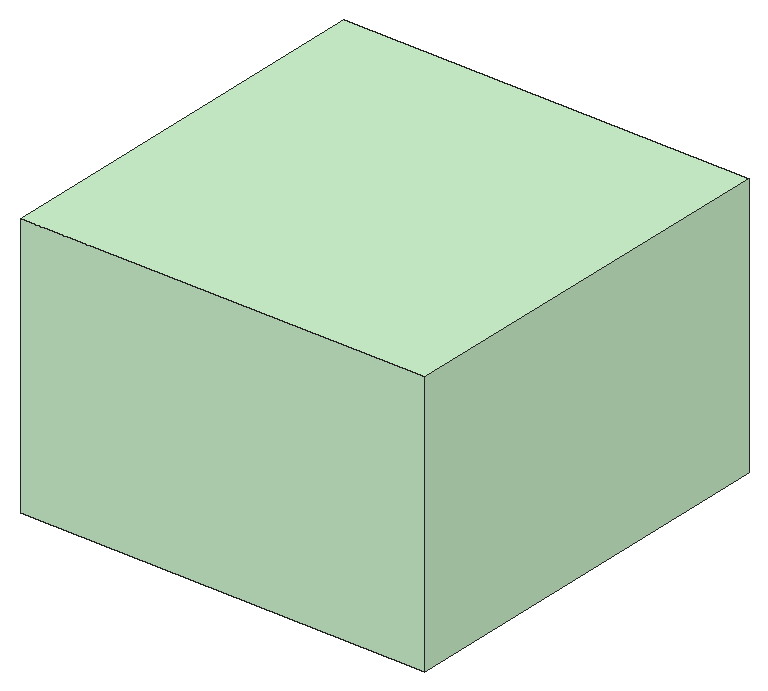
Revit family "pushbackpiece", category 機械設備, Revit 2022
Family settings
  丸型コネクタ寸法 = 直径を使用
  種別 = なし
  パーツ タイプ = 標準
  作業面ベース = いいえ
  常に垂直 = はい
  ロード時にボイドで切り取り = いいえ
  注釈の向きを維持 = いいえ
  共有 = いいえ
  部屋計算ポイント = いいえ
Parameters
  製造元 = "株式会社桐井製作所"
  既定の高さ = 0 mm
  URL = "https://www.kirii.co.jp/"
  K_材質 = "天然ゴム"
  K_外形寸法(mm) = "t15×23×23"
  K_品名 = "プッシュバックピース"
  K_名称 = "プッシュバックピース"
  K_入数 = "黒49個(7×7列)/シート"
  K_バージョン情報 = "20220915"
Reference planes
  plane 1 "中心(正面/背面)": y = 0
  plane 2: z = 0
  plane 3 "中心(左/右)": x = 0
Forms (mm)
  Extrusion 1, solid
    sketch origin (0, 11.5, -14.008) x (0, 1, 0) y (0, 0, 1)
      loop
        line (0, 14.008) -> (0, 29.008) -> (-23, 29.008) -> (-23, 14.008) -> (0, 14.008)
    from 11.5 to -11.5
Dimensions and locks
  aligned and locked: level to plane 2
